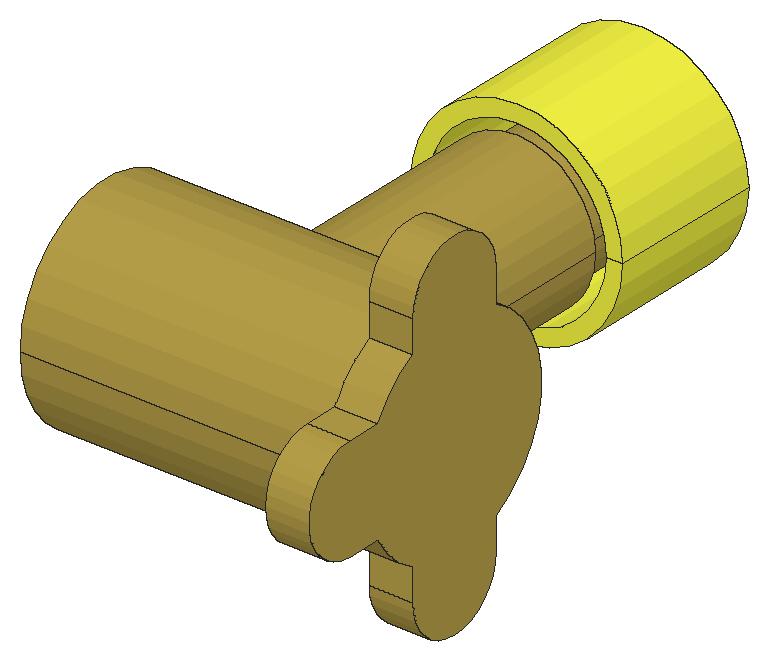
Revit family "Фитинг_Weser_Угольник с настенным креплением (водорозетка)", category Соединительные детали трубопроводов, Revit 2020
Family settings
  Размер круглого соединителя = Использовать диаметр
  Тип детали = Отвод
  Номер OmniClass = 23.60.30.11.14
  Заголовок OmniClass = Pipework Fittings
  На основе рабочей плоскости = Нет
  Всегда вертикально = Да
  При загрузке вырезать с полостями = Нет
  Общий = Да
Parameters (values of type "Латунь")
  Отметка по умолчанию = 0 mm
  Материал = Латунь
  Диаметр Наружный 2 [instance] = Диаметр Наружный 3 + 3 mm  # 18 mm
  WSR_D2 [instance] = 15 mm
  WSR_D1 [instance] = 20 mm
  URL = "https://www.weser.ru/about/documentation/"
  Type Image = (empty or 0)
  Model = ""
  Manufacturer = ""
  Диаметр Наружный 3 [instance] = size_lookup(LT, "Dv", WSR_D1 * 0.7, WSR_D1, WSR_D2)  # 15 mm
  LT = "Фитинг_Weser_Угольник с настенным креплением (водорозетка)(Наименование)"
  Диаметр Наружный 1 [instance] = size_lookup(LT, "Dn", WSR_D1 * 0.9, WSR_D1, WSR_D2)  # 25 mm
  L1 [instance] = size_lookup(LT, "L1", WSR_D1 * 0.8, WSR_D1, WSR_D2)  # 34 mm
  Description = ""
  Длина2 [instance] = size_lookup(LT, "Length2", WSR_D1 * 1.5, WSR_D1, WSR_D2)  # 56 mm
  Длина1 [instance] = size_lookup(LT, "Length1", WSR_D1 * 1.5, WSR_D1, WSR_D2)  # 20 mm
  ADSK_Наименование краткое [instance] = "Водорозетка"  # constant formula
  ADSK_Наименование [instance] = size_lookup(LT, "", "Решение не найдено", WSR_D1, WSR_D2)  # "Угольник с настенным креплением (водорозетка) 20-1/2''ВР"
  ADSK_Масса [instance] = 0
  ADSK_Марка = "WESERpex"  # constant formula
  ADSK_Код изделия [instance] = size_lookup(LT, "art", "Решение не найдено", WSR_D1, WSR_D2)  # "520113"
  ADSK_Завод-изготовитель = "Weser"  # constant formula
  ADSK_Единица измерения = "шт."  # constant formula
  ADSK_Группирование [instance] = ""
  ADSK_URL страницы изделия [instance] = ""
  ADSK_URL документации изделия [instance] = ""
Reference planes
  plane 1 "Center (Front/Back)": y = 0
  plane 2: z = 0
  plane 3 "Center (Left/Right)": x = 0
  plane 4: x = -20
  plane 5: y = 34
  plane 6: y = 56
  plane 7: x = 20
  plane 8: x = 15
Forms (mm)
  Extrusion 1, solid, material "Латунь" <- "Материал", detail levels fine
    sketch origin (-76.651, 34, 1200) x (-1, 0, 0) y (0, 0, 1)
      loop
        circle (-76.651, -1200) r 7.5
    from 0 to 22
  Extrusion 2, solid, material "Латунь" <- "Материал", detail levels fine
    sketch origin (-20, 37.896, 1200) x (0, 1, 0) y (0, 0, 1)
      loop
        circle (-37.896, -1200) r 12.5
    from 0 to 35
  Extrusion 3, solid, material "Латунь" <- "Материал", detail levels fine
    sketch origin (20, -1079, 36.999) x (0, 0, -1) y (0, -1, 0)
      loop
        line (30.999, -1064.098) -> (30.999, -1068.034)
        arc (30.999, -1068.034) -> (28.16, -1070.161) -> (26.033, -1073) r 12.5
        line (26.033, -1073) -> (22.378, -1073)
        arc (22.378, -1073) -> (16.378, -1079) -> (22.378, -1085) r 6
        line (22.378, -1085) -> (26.033, -1085)
        arc (26.033, -1085) -> (36.999, -1091.5) -> (47.965, -1085) r 12.5
        line (47.965, -1085) -> (51.62, -1085)
        arc (51.62, -1085) -> (57.62, -1079) -> (51.62, -1073) r 6
        line (51.62, -1073) -> (47.965, -1073)
        arc (47.965, -1073) -> (45.838, -1070.161) -> (42.999, -1068.034) r 12.5
        line (42.999, -1068.034) -> (42.999, -1064.098)
        arc (42.999, -1064.098) -> (36.999, -1058.098) -> (30.999, -1064.098) r 6
    from 0 to 5
  Extrusion 4, solid, material "Латунь" <- "Материал", detail levels fine
    sketch origin (-104.887, 34, 1200) x (-1, 0, 0) y (0, 0, 1)
      loop
        circle (-104.887, -1200) r 9
    from 0 to -34
Cuts and joins
  joined: Extrusion 2, Extrusion 3, Extrusion 4
Lines and regions (mm)
  model lines, detail levels coarse+medium
    curve 1: line (0, 56, 0) -> (0, 15, 0)
    curve 2: line (-15, 0, 0) -> (-20, 0, 0)
    curve 3: arc (-15, 0, 0) -> (-4.393, 4.393, 0) -> (0, 15, 0) r 15
Dimensions and locks
  "L1": plane 1 "Center (Front/Back)" to plane 5
  "Длина2": plane 1 "Center (Front/Back)" to plane 6
  "Длина1": plane 4 to plane 3 "Center (Left/Right)"
  "Длина1": plane 3 "Center (Left/Right)" to plane 7
  plane 8 to plane 7 = 5 mm
  "Диаметр Наружный 3": diameter of Extrusion 1 sketch curve
  "Диаметр Наружный 1": diameter of Extrusion 2 sketch curve
  "Диаметр Наружный 2": diameter of Extrusion 4 sketch curve
  aligned and locked: level to plane 2
  aligned and locked: plane 6 to Extrusion 1
  aligned and locked: plane 5 to nested 1
  aligned and locked: Extrusion 2 to plane 4
  aligned and locked: Extrusion 1 to plane 5
  aligned and locked: plane 5 to Extrusion 4
  aligned and locked: plane 1 "Center (Front/Back)" to Extrusion 4
  aligned and locked: plane 8 to Extrusion 3
  aligned and locked: Extrusion 2 to Extrusion 3
  aligned and locked: curve 1 to plane 3 "Center (Left/Right)"
  aligned and locked: curve 2 to plane 1 "Center (Front/Back)"
  aligned and locked: plane 4 to curve 2
  aligned and locked: plane 6 to curve 1
Automatic sketch dimensions
  Extrusion 3 sketch curve to Extrusion 3 sketch curve = 0 mm  (x6)
  Extrusion 3 sketch curve to plane 1 "Center (Front/Back)" = 0 mm  (x3)
  Extrusion 3 sketch curve to level = 0 mm  (x2)
  level to Extrusion 3 sketch curve = 6 mm
  Extrusion 3 sketch curve to Extrusion 3 sketch curve = 4.966 mm  (x2)
  Extrusion 3 sketch curve to plane 1 "Center (Front/Back)" = 6 mm  (x2)
  level to Extrusion 3 sketch curve = 10.966 mm
  Extrusion 3 sketch curve to Extrusion 3 sketch curve = 3.655 mm  (x2)
  Extrusion 3 sketch curve to Extrusion 3 sketch curve = 3.936 mm
  plane 4 to curve 2 = 5 mm
  Extrusion 1 sketch curve to level = 0 mm
  Extrusion 1 sketch curve to plane 3 "Center (Left/Right)" = 0 mm
  Extrusion 2 sketch curve to level = 0 mm
  Extrusion 2 sketch curve to plane 1 "Center (Front/Back)" = 0 mm
  Extrusion 4 sketch curve to level = 0 mm
  Extrusion 4 sketch curve to plane 3 "Center (Left/Right)" = 0 mm
Nested families
  nested 1: "Фитинг_Weser_Гильза монтажная, латунь" at (0, 34, 0) x (0, 1, 0) z (0, 0, 1), ADSK_Диаметр условный <- "WSR_D1", ADSK_Группирование <- "ADSK_Группирование", type "Желтая", detail levels fine
    with Радиус Наружный 12.25 mm, Радиус Внутренний 10.3 mm, Длина 18 mm, Видимость yes, ADSK_Наименование "Гильза монтажная DN20", ADSK_Примечание "", ADSK_Масса_Текст "", ADSK_Код изделия "520030", ADSK_Диаметр условный 20 mm, ADSK_Группирование "", ADSK_URL страницы изделия "", ADSK_URL документации изделия ""
Connectors
  piping at (-20, 0, 0), diameter 15, driven by "WSR_D2"
    settings: on Extrusion 2, index 1, connector inside diameter 609.6 mm, connector length 0 mm, flow factor 0, pipe flow 0.0 L/s, pressure drop 0.0 Pa, fitting loss kfactor 0, connector angle 0.00°, fixture units 0, engagement length 0 mm, angle of deflection 0.00°, flow configuration 0, flow direction 0, fitting loss method 0, system type 28, joint type 0, gender type 0, connector reference index 3, connector utility 0, adjustable connector no, is connector primary yes, connector description ""
  piping at (0, 34, 0), diameter 20, driven by "WSR_D1"
    settings: on Extrusion 4, index 3, connector inside diameter 609.6 mm, connector length 0 mm, flow factor 0, pipe flow 0.0 L/s, pressure drop 0.0 Pa, fitting loss kfactor 0, connector angle 0.00°, fixture units 0, engagement length 0 mm, angle of deflection 0.00°, flow configuration 0, flow direction 0, fitting loss method 0, system type 29, joint type 0, gender type 0, connector reference index 1, connector utility 0, adjustable connector no, is connector primary no, connector description ""
Definition of nested family "Фитинг_Weser_Гильза монтажная, латунь"
  Parameters (values of type "Желтая")
    Радиус Внутренний [instance] = size_lookup(Поиск в таблице имен, "Rv", ADSK_Диаметр условный / 1.9, ADSK_Диаметр условный)  # 16.4 mm
    Поиск в таблице имен 2 = "Фитинг_Weser_Гильза_монтажная_латунь(Код)"
    Default Elevation = 0 mm
    Материал = none
    Видимость [instance] = yes
    URL = ""
    Type Image = (empty or 0)
    Manufacturer = ""
    Поиск в таблице имен = "Фитинг_Weser_Гильза_монтажная_латунь(Наименование)"
    Длина [instance] = size_lookup(Поиск в таблице имен, "Length", ADSK_Диаметр условный, ADSK_Диаметр условный)  # 34 mm
    Радиус Наружный [instance] = size_lookup(Поиск в таблице имен, "Rn", ADSK_Диаметр условный / 1.5, ADSK_Диаметр условный)  # 19.5 mm
    Description = ""
    ADSK_Примечание [instance] = ""
    ADSK_Наименование краткое = ""
    ADSK_Наименование [instance] = size_lookup(Поиск в таблице имен, "", "Решение не найдено", ADSK_Диаметр условный)  # "Гильза монтажная DN32"
    ADSK_Масса_Текст [instance] = ""
    ADSK_Марка = ""
    ADSK_Код изделия [instance] = size_lookup(Поиск в таблице имен 2, "", "Решение не найдено", ADSK_Диаметр условный)  # "520032"
    ADSK_Завод-изготовитель = ""
    ADSK_Единица измерения = "шт."  # constant formula
    ADSK_Диаметр условный [instance] = 32 mm
    ADSK_Группирование [instance] = ""
    ADSK_URL страницы изделия [instance] = ""
    ADSK_URL документации изделия [instance] = ""
  Reference planes
    plane 1 "Center (Front/Back)": y = 0
    plane 2: z = 0
    plane 3 "Center (Left/Right)": x = 0
    plane 4: x = 34
    plane 5: y = 19.5
    plane 6: y = 50
    plane 7: y = 16.4
    plane 8: x = 5
  Forms (mm)
    Revolve 1, solid, material <- "Материал", visible <- "Видимость", detail levels fine
      sketch origin (0, 0, 0) x (1, 0, 0) y (0, 1, 0)
        loop
          line (0, 16.4) -> (34, 16.4) -> (34, 19.5) -> (0, 19.5) -> (0, 16.4)
        axis (34, 0) -> (0, 0)
      angle from 0 to 360
  Lines and regions (mm)
    reference lines
      curve 1: line (0, 0, 0) -> (34, 0, 0)
  Dimensions and locks
    "Длина": plane 3 "Center (Left/Right)" to plane 4
    "Радиус Наружный": plane 5 to plane 1 "Center (Front/Back)"
    locked: plane 6 to plane 1 "Center (Front/Back)" at 50
    "Радиус Внутренний": plane 7 to plane 1 "Center (Front/Back)"
    locked: plane 3 "Center (Left/Right)" to plane 8 at 5
    aligned and locked: level to plane 2
    aligned and locked: plane 4 to curve 1
    aligned and locked: plane 3 "Center (Left/Right)" to curve 1
    aligned and locked: plane 1 "Center (Front/Back)" to curve 1
    aligned and locked: plane 4 to Revolve 1 sketch curve
    aligned and locked: Revolve 1 sketch curve to plane 5
    aligned and locked: plane 3 "Center (Left/Right)" to Revolve 1 sketch curve
    aligned and locked: Revolve 1 sketch curve to plane 7
  Automatic sketch dimensions
    plane 1 "Center (Front/Back)" to Revolve 1 sketch curve = 0 mm
    Revolve 1 sketch curve to plane 3 "Center (Left/Right)" = 78.702 mm
    plane 4 to Revolve 1 sketch curve = 90.298 mm
